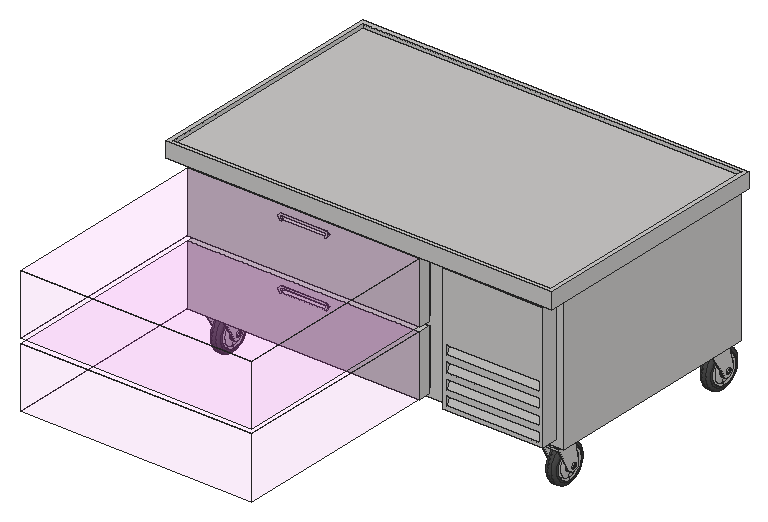
Revit family "QF_Kelvinator_738313_KCHCB48R_2-Drawer_Chef_Base_Refrigerator_50_Long", category Specialty Equipment, Revit 2021
Family settings
  Round Connector Dimension = Use Diameter
  Part Type = Normal
  Work Plane-Based = No
  Always vertical = Yes
  Cut with Voids When Loaded = No
  Shared = No
  Room Calculation Point = No
Parameters
  Weight in Pounds = 471.789
  Watts = 200 W
  Volts = 115 V
  URL Cutsheet = ""
  Specification by User = ""
  Specification by Manufacturer = ""
  Serial Number = ""
  Seismic Rating = ""
  SMACNA No = ""
  Revision Code = ""
  Refrigerant Type = "R290"
  Phase = 1
  Number of Poles = 1
  NAFEM Spec ID Number = ""
  Model = "738313 (KCHCB48R)"
  Min Ckt Ampacity = 0 A
  Max Overcurrent Protection = 0 A
  Masterspec = ""
  Manufacturer = "Kelvinator Commercial"
  Length = 50.000"
  Item Number = "738313"
  Installed By = ""
  Identify Quantity as Lot = yes
  Height = 25.984"
  HP = "1/5"
  Furnished By = ""
  Foodservice Equipment Identifier = yes
  FL Amps = 2.1 A
  Electrical Remarks = ""
  Electric Connection Type = ""
  Elec Conn RI Height = 0.000"
  Elec Conn Connection Height = 0.000"
  Description = "2-Drawer Chef Base Refrigerator 50\" Long"
  Depth = 31.890"
  Default Elevation = 0.000"
  Cycle = 60 Hz
  Conn Plug = "5-15P"
  Conn Conduit = yes
  CSI MasterFormat = ""
  Apparent Power = 0 VA
Reference planes (in)
  plane 1 "BACK": y = 0
  plane 2: z = 0
  plane 3 "LEFT": x = 0
  plane 4 "RIGHT": x = 50
  plane 5 "FRONT": y = -31.89
  plane 6 "TOP": z = 25.984
  plane 7 "Center Y": x = 25
  plane 8 "Center X": y = -15.945
Dimensions and locks (in)
  equal spacing: plane 3 "LEFT", plane 7 "Center Y", plane 4 "RIGHT"
  "Length": plane 3 "LEFT" to plane 4 "RIGHT"
  equal spacing: plane 5 "FRONT", plane 8 "Center X", plane 1 "BACK"
  "Depth": plane 5 "FRONT" to plane 1 "BACK"
  "Height": plane 6 "TOP" to level
  aligned and locked: level to plane 2
Nested families (in)
  nested 1: "Family2" at (0, 0, 0), type "Family2"
    with Show Clearance yes
Connectors (in)
  electrical at (25, -2, 5.5), driven by "Volts", driven by "Watts"
    settings: on nested 1, index 1, voltage 115 V, apparent load 200 VA, apparent load phase1 0 VA, apparent load phase2 0 VA, apparent load phase3 0 VA, power factor 1, load classification "Other", number of poles 1, system type 30, power factor state 1, is connector primary yes, connector utility no, sub classification motor no, connector description ""
Definition of nested family "Family2"
  Parameters (values of type "Family2")
    Weight in Pounds = 0
    URL Cutsheet = ""
    Specification by User = ""
    Specification by Manufacturer = ""
    Show Clearance [instance] = yes
    Serial Number = ""
    Seismic Rating = ""
    SMACNA No = ""
    Revision Code = ""
    NAFEM Spec ID Number = ""
    Masterspec = ""
    Length = 50.000"
    Item Number = ""
    Installed By = ""
    Identify Quantity as Lot = yes
    Height = 25.984"
    Furnished By = ""
    Foodservice Equipment Identifier = yes
    Depth = 31.890"
    Default Elevation = 0.000"
    CSI MasterFormat = ""
  Reference planes (in)
    plane 1 "BACK": y = 0
    plane 2: z = 0
    plane 3 "LEFT": x = 0
    plane 4 "RIGHT": x = 50
    plane 5 "FRONT": y = -31.89
    plane 6 "TOP": z = 25.984
    plane 7 "Center Y": x = 25
    plane 8 "Center X": y = -15.945
    plane 9: x = 1
    plane 10: x = 49
    plane 11: x = 2
    plane 12: x = 32
    plane 13: x = 48
    plane 14: x = 35
    plane 15: z = 15.1
    plane 16: z = 23
    plane 17: z = 6
    plane 18: z = 24
    plane 19: y = -28.7
    plane 20: y = -57.9
    plane 21: x = 0.5
    plane 22: x = 49.5
    plane 23: z = 14.6
    plane 24: z = 6.7
    plane 25: x = 47.5
    plane 26: x = 35.5
    plane 27: x = 46.75
    plane 28: x = 3.25
  Forms (in)
    Extrusion 1, solid
      sketch origin (1, -180, 36.08177) x (0, 0, 1) y (0, -1, 0)
        loop
          line (-12.08177, -151.3) -> (-30.08177, -151.3) -> (-30.08177, -180) -> (-12.08177, -180) -> (-12.08177, -151.3)
      from 0 to 48
    Extrusion 2, solid
      sketch origin (0, 0, 0) x (0, 1, 0) y (0, 0, 1)
        loop
          line (-31.89, 25.984) -> (-31.89, 24) -> (0, 24) -> (0, 25.984) -> (-31.89, 25.984)
      from 0 to 50
    Extrusion 3, void
      sketch origin (0.5, -180, 24.54005) x (0, 0, 1) y (0, -1, 0)
        loop
          line (1.44395, -148.61) -> (0.94395, -148.61) -> (0.94395, -179.5) -> (1.44395, -179.5) -> (1.44395, -148.61)
      from 0 to 49
    Extrusion 4, solid
      sketch origin (0, -28.7, -3.09046) x (0, 0, -1) y (1, 0, 0)
        loop
          line (-26.09046, 35) -> (-9.79046, 35) -> (-9.79046, 48) -> (-26.09046, 48) -> (-26.09046, 35)
      from 0 to 2
    Extrusion 5, void
      sketch origin (47.5, -180, 13.44376) x (0, 0, -1) y (0, -1, 0)
        loop
          line (6.33783, -149.285) -> (6.33783, -148.91) -> (-0.83628, -148.91) -> (-0.83628, -149.7453) -> (0.38717, -149.3) -> (1.16811, -149.3) -> (1.16811, -149.7453) -> (2.39156, -149.3) -> (3.17249, -149.3) -> (3.17249, -149.7453) -> (4.39594, -149.3) -> (5.11438, -149.3) -> (5.11438, -149.7453) -> (6.33783, -149.285)
      from 0 to 12
    Extrusion 6, solid
      sketch origin (1, 0, 6) x (-1, 0, 0) y (0, 1, 0)
        loop
          circle (-24, -2) r 0.25
      from 0 to 0.5
  Cuts and joins
    Extrusion 3 cuts Extrusion 2
    Extrusion 5 cuts Extrusion 4
  Lines and regions (in)
    symbolic lines
      curve 1: line (0, 0, 0) -> (0, -31.89, 0)
      curve 2: line (0, -31.89, 0) -> (50, -31.89, 0)
      curve 3: line (50, -31.89, 0) -> (50, 0, 0)
      curve 4: line (50, 0, 0) -> (0, 0, 0)
      curve 5: line (0.5, -31.39, 0) -> (0.5, -0.5, 0)
      curve 6: line (0.5, -0.5, 0) -> (49.5, -0.5, 0)
      curve 7: line (49.5, -0.5, 0) -> (49.5, -31.39, 0)
      curve 8: line (49.5, -31.39, 0) -> (0.5, -31.39, 0)
  Dimensions and locks (in)
    equal spacing: plane 3 "LEFT", plane 7 "Center Y", plane 4 "RIGHT"
    "Length": plane 3 "LEFT" to plane 4 "RIGHT"
    equal spacing: plane 5 "FRONT", plane 8 "Center X", plane 1 "BACK"
    "Depth": plane 5 "FRONT" to plane 1 "BACK"
    "Height": plane 6 "TOP" to level
    plane 3 "LEFT" to plane 4 "RIGHT" = 50.000"
    plane 10 to plane 9 = 48.000"
    plane 11 to plane 12 = 30.000"
    locked: plane 14 to plane 13 at 13
    plane 16 to plane 15 = 7.900"  (x2)
    plane 6 "TOP" to plane 17 = 19.984"
    plane 18 to plane 17 = 18.000"
    plane 19 to plane 1 "BACK" = 28.700"
    plane 5 "FRONT" to plane 1 "BACK" = 31.890"
    plane 20 to plane 1 "BACK" = 57.900"
    plane 17 to level = 6.000"
    locked: plane 4 "RIGHT" to plane 10 at 1
    locked: plane 4 "RIGHT" to plane 22 at 0.5
    plane 23 to plane 24 = 7.900"
    locked: plane 13 to plane 4 "RIGHT" at 2
    locked: plane 13 to plane 25 at 0.5
    locked: plane 14 to plane 26 at 0.5
    locked: plane 4 "RIGHT" to plane 27 at 3.25
    locked: plane 12 to plane 14 at 3
    locked: plane 3 "LEFT" to plane 11 at 2
    aligned and locked: level to plane 2
    aligned and locked: plane 10 to Extrusion 1
    aligned and locked: Extrusion 2 to plane 4 "RIGHT"
    aligned and locked: plane 18 to Extrusion 1
    aligned and locked: plane 22 to cut or joined group of Extrusion 2, Extrusion 3
    aligned and locked: Extrusion 5 to plane 26
    aligned and locked: plane 14 to Extrusion 4
    aligned and locked: Extrusion 4 to plane 13
    aligned and locked: nested 4 to plane 28
    aligned and locked: plane 27 to nested 5
    aligned and locked: nested 6 to plane 28
  Automatic sketch dimensions
    level to Extrusion 1 sketch curve = 6.000"
    plane 16 to Extrusion 1 sketch curve = 1.000"
    Extrusion 1 sketch curve to plane 1 "BACK" = 0.000"
    Extrusion 1 sketch curve to plane 19 = 0.000"
    Extrusion 2 sketch curve to plane 5 "FRONT" = 0.000"
    Extrusion 2 sketch curve to plane 1 "BACK" = 0.000"
    Extrusion 2 sketch curve to plane 18 = 0.000"
    Extrusion 2 sketch curve to plane 6 "TOP" = 0.000"
    Extrusion 3 sketch curve to plane 6 "TOP" = 0.000"
    Extrusion 3 sketch curve to plane 6 "TOP" = 0.500"
    plane 1 "BACK" to Extrusion 3 sketch curve = 0.500"
    Extrusion 3 sketch curve to plane 5 "FRONT" = 0.500"
    plane 13 to Extrusion 4 sketch curve = 0.000"
    Extrusion 4 sketch curve to plane 16 = 0.000"
    plane 14 to Extrusion 4 sketch curve = 0.000"
    Extrusion 4 sketch curve to plane 24 = 0.000"
    plane 24 to Extrusion 5 sketch curve = 0.40593"
    Extrusion 5 sketch curve to Extrusion 5 sketch curve = 1.22345"  (x3)
    Extrusion 5 sketch curve to Extrusion 5 sketch curve = 0.71843"
    plane 19 to Extrusion 5 sketch curve = 1.5547"  (x4)
    Extrusion 5 sketch curve to Extrusion 5 sketch curve = 0.78093"  (x2)
    Extrusion 5 sketch curve to plane 23 = 0.31996"
    Extrusion 5 sketch curve to Extrusion 5 sketch curve = 0.4453"  (x3)
    Extrusion 5 sketch curve to plane 5 "FRONT" = 1.175"
    Extrusion 5 sketch curve to Extrusion 5 sketch curve = 0.375"
    curve 1 to plane 3 "LEFT" = 0.000"
    plane 1 "BACK" to curve 3 = 0.000"
    curve 3 to plane 4 "RIGHT" = 0.000"
    plane 5 "FRONT" to curve 1 = 0.000"
    curve 5 to plane 21 = 0.000"
    curve 8 to plane 22 = 0.000"
    curve 5 to plane 5 "FRONT" = 0.500"
    plane 1 "BACK" to curve 5 = 0.500"
    Extrusion 1 to Extrusion 6 sketch curve = 2.000"
    Extrusion 6 sketch curve to Extrusion 1 = 24.000"
    radius of Extrusion 6 sketch curve = 0.250"
  Nested families (in)
    nested 1: "Family3" at (2, -28.7, 15.1), Show Clearance <- "Show Clearance", type "Family3"
    nested 2: "Family3" at (2, -28.7, 6.7), Show Clearance <- "Show Clearance", type "Family3"
    nested 3: "6 INCHES 02_CASTER" at (46.75, -26.8125, 0), type "6 INCHES 02_CASTER"
      with Type Mark "", Specification by User "", Show Casters yes, Revision Code "", Item Number "", Installed By "", Identify Quantity as Lot yes, Furnished By "", Foodservice Equipment Identifier yes
    nested 4: "6 INCHES 02_CASTER" at (3.25, -26.8125, 0), type "6 INCHES 02_CASTER"
      with Type Mark "", Specification by User "", Show Casters yes, Revision Code "", Item Number "", Installed By "", Identify Quantity as Lot yes, Furnished By "", Foodservice Equipment Identifier yes
    nested 5: "6 INCHES 02_CASTER" at (46.75, -1.8125, 0), type "6 INCHES 02_CASTER"
      with Type Mark "", Specification by User "", Show Casters yes, Revision Code "", Item Number "", Installed By "", Identify Quantity as Lot yes, Furnished By "", Foodservice Equipment Identifier yes
    nested 6: "6 INCHES 02_CASTER" at (3.25, -1.8125, 0), type "6 INCHES 02_CASTER"
      with Type Mark "", Specification by User "", Show Casters yes, Revision Code "", Item Number "", Installed By "", Identify Quantity as Lot yes, Furnished By "", Foodservice Equipment Identifier yes
  Definition of nested family "Family3"
    Parameters (values of type "Family3")
      Weight in Pounds = 0
      URL Cutsheet = ""
      Specification by User = ""
      Specification by Manufacturer = ""
      Show Clearance [instance] = yes
      Serial Number = ""
      Seismic Rating = ""
      SMACNA No = ""
      Revision Code = ""
      NAFEM Spec ID Number = ""
      Masterspec = ""
      Length = 30.000"
      Item Number = ""
      Installed By = ""
      Identify Quantity as Lot = yes
      Height = 7.900"
      Furnished By = ""
      Foodservice Equipment Identifier = yes
      Depth = 2.000"
      Default Elevation = 0.000"
      CSI MasterFormat = ""
    Reference planes (in)
      plane 1 "BACK": y = 0
      plane 2: z = 0
      plane 3 "LEFT": x = 0
      plane 4 "RIGHT": x = 30
      plane 5 "FRONT": y = -2
      plane 6 "TOP": z = 7.9
      plane 7 "Center Y": x = 15
      plane 8 "Center X": y = -1
      plane 9: y = -29.2
      plane 10: x = 0.3125
      plane 11: x = 29.6875
      plane 12: y = -3.28088
    Forms (in)
      Extrusion 1, solid
        sketch origin (0, 0, 0) x (1, 0, 0) y (0, 0, 1)
          loop
            line (0, 7.9) -> (0, 0) -> (30, 0) -> (30, 7.9) -> (0, 7.9)
        from 0.55357 to 2
      Extrusion 2, void
        sketch origin (15, 6.90541, 47.5625) x (0, -1, 0) y (0, 0, 1)
          loop
            line (8.90541, -41.4125) -> (8.90541, -40.85381) -> (8.53969, -40.48809) -> (8.07278, -40.955) -> (8.24839, -41.4125) -> (8.90541, -41.4125)
        from -3 to 3
      Extrusion 3, solid
        sketch origin (0, -2, 0) x (1, 0, 0) y (0, 0, 1)
          loop
            line (17.81904, 6.70869) -> (17.92024, 6.6075) -> (17.81904, 6.15) -> (18, 6.15) -> (18.27615, 6.60514) -> (17.9226, 6.95869) -> (12.0774, 6.95869) -> (11.72385, 6.60514) -> (12.00153, 6.14747) -> (12.18151, 6.14747) -> (12.07976, 6.6075) -> (12.18096, 6.70869) -> (17.81904, 6.70869)
        from 0.10088 to -1
      Extrusion 4, solid, visible <- "Show Clearance"
        sketch origin (0, 0, 0) x (0, 1, 0) y (0, 0, 1)
          loop
            line (-29.2, 7.9) -> (-29.2, 0) -> (-2, 0) -> (-2, 7.9) -> (-29.2, 7.9)
        from 0 to 30
      Extrusion 5, solid
        sketch origin (0.3125, -180, 8.89478) x (0, 0, 1) y (0, -1, 0)
          loop
            line (-1.29318, -179.44643) -> (-8.58228, -179.44643) -> (-8.58228, -179.75) -> (-1.29318, -179.75) -> (-1.29318, -179.44643)
        from 0 to 29.375
      Extrusion 6, solid
        sketch origin (0.3125, -179.75, 8.89478) x (0, 0, 1) y (0, -1, 0)
          loop
            line (-1.29318, -179.5) -> (-8.58228, -179.5) -> (-8.58228, -179.75) -> (-1.29318, -179.75) -> (-1.29318, -179.5)
        from 0 to 29.375
    Cuts and joins
      Extrusion 2 cuts Extrusion 1
      Extrusion 2 cuts Extrusion 3
      joined: Extrusion 1, Extrusion 3
    Lines and regions (in)
      symbolic lines, visible <- "Show Clearance"
        curve 1: line (0, -3.28088, 0) -> (0, -29.2, 0)
        curve 2: line (0, -29.2, 0) -> (30, -29.2, 0)
        curve 3: line (30, -29.2, 0) -> (30, -3.28088, 0)
    Dimensions and locks (in)
      equal spacing: plane 3 "LEFT", plane 7 "Center Y", plane 4 "RIGHT"
      "Length": plane 3 "LEFT" to plane 4 "RIGHT"
      equal spacing: plane 5 "FRONT", plane 8 "Center X", plane 1 "BACK"
      "Depth": plane 5 "FRONT" to plane 1 "BACK"
      "Height": plane 6 "TOP" to level
      plane 9 to plane 5 "FRONT" = 27.200"
      locked: plane 11 to plane 4 "RIGHT" at 0.3125
      locked: plane 3 "LEFT" to plane 10 at 0.3125
      aligned and locked: level to plane 2
      aligned and locked: Extrusion 4 to plane 4 "RIGHT"
      aligned and locked: Extrusion 6 to plane 11
      aligned and locked: Extrusion 5 to plane 11
    Automatic sketch dimensions
      Extrusion 1 sketch curve to level = 0.000"
      Extrusion 1 sketch curve to plane 3 "LEFT" = 0.000"
      plane 4 "RIGHT" to Extrusion 1 sketch curve = 0.000"
      Extrusion 1 sketch curve to plane 6 "TOP" = 0.000"
      Extrusion 2 sketch curve to plane 5 "FRONT" = 0.000"
      Extrusion 2 sketch curve to plane 5 "FRONT" = 0.36572"
      Extrusion 2 sketch curve to plane 8 "Center X" = 0.34299"
      Extrusion 2 sketch curve to plane 8 "Center X" = 0.16737"
      Extrusion 2 sketch curve to plane 6 "TOP" = 1.750"
      Extrusion 2 sketch curve to Extrusion 2 sketch curve = 0.4575"
      Extrusion 2 sketch curve to Extrusion 2 sketch curve = 0.55869"
      Extrusion 3 sketch curve to plane 6 "TOP" = 1.29486"  (x2)
      Extrusion 3 sketch curve to plane 7 "Center Y" = 3.27615"
      Extrusion 3 sketch curve to Extrusion 3 sketch curve = 0.27768"
      Extrusion 3 sketch curve to Extrusion 3 sketch curve = 0.35355"
      Extrusion 3 sketch curve to plane 6 "TOP" = 1.2925"  (x2)
      Extrusion 3 sketch curve to Extrusion 3 sketch curve = 0.00236"
      Extrusion 3 sketch curve to Extrusion 3 sketch curve = 0.10119"  (x2)
      Extrusion 3 sketch curve to Extrusion 3 sketch curve = 0.17998"
      Extrusion 3 sketch curve to plane 6 "TOP" = 1.19131"
      plane 7 "Center Y" to Extrusion 3 sketch curve = 2.81904"
      Extrusion 3 sketch curve to Extrusion 3 sketch curve = 0.000"
      Extrusion 3 sketch curve to plane 6 "TOP" = 0.94131"
      Extrusion 3 sketch curve to Extrusion 3 sketch curve = 0.10355"
      Extrusion 3 sketch curve to Extrusion 3 sketch curve = 0.18096"
      Extrusion 3 sketch curve to Extrusion 3 sketch curve = 0.35591"
      Extrusion 3 sketch curve to Extrusion 3 sketch curve = 0.4575"
      Extrusion 3 sketch curve to Extrusion 3 sketch curve = 0.46003"
      Extrusion 4 sketch curve to level = 0.000"
      Extrusion 4 sketch curve to plane 9 = 0.000"
      Extrusion 4 sketch curve to plane 5 "FRONT" = 0.000"
      Extrusion 4 sketch curve to plane 6 "TOP" = 0.000"
      level to Extrusion 5 sketch curve = 0.3125"
      Extrusion 5 sketch curve to plane 6 "TOP" = 0.29841"
      plane 1 "BACK" to Extrusion 5 sketch curve = 0.250"
      Extrusion 5 sketch curve to Extrusion 5 sketch curve = 0.30357"
      level to Extrusion 6 sketch curve = 0.3125"
      Extrusion 6 sketch curve to plane 6 "TOP" = 0.29841"
      plane 1 "BACK" to Extrusion 6 sketch curve = 0.000"
      Extrusion 6 sketch curve to Extrusion 6 sketch curve = 0.250"
      curve 1 to plane 3 "LEFT" = 0.000"
      curve 3 to plane 4 "RIGHT" = 0.000"
      curve 1 to plane 9 = 0.000"
      curve 3 to plane 12 = 0.000"
      curve 1 to plane 12 = 0.000"
  Definition of nested family "6 INCHES 02_CASTER"
    Parameters (values of type "6 INCHES 02_CASTER")
      Weight = ""
      URL Manufacturer = ""
      URL Cutsheet = ""
      URL = ""
      Type Mark [instance] = ""
      Specification by User [instance] = ""
      Specification by Manufacturer = ""
      Show Casters [instance] = yes
      Serial Number = ""
      Seismic Rating = ""
      SMACNA No = ""
      Revision Code [instance] = ""
      Omniclass Number and Title = ""
      NAFEM Spec ID Number = ""
      Model = ""
      MasterSpec. = ""
      Manufacturer = ""
      Item Number [instance] = ""
      Installed By [instance] = ""
      Identify Quantity as Lot [instance] = yes
      Furnished By [instance] = ""
      Foodservice Equipment Identifier [instance] = yes
      Description = ""
      Default Elevation = 0.000"
      CSI MasterFormat = ""
      CSI Master Format = ""
    Reference planes (in)
      plane 1 "BACK": y = 0
      plane 2: z = 0
      plane 3 "LEFT": x = 0
      plane 4 "RIGHT": x = 0
      plane 5 "FRONT": y = 0
      plane 6 "TOP": z = 6
    Forms (in)
      Revolve 1, solid, visible <- "Show Casters"
        sketch origin (-2.21793, 0, -0.25) x (-1, 0, 0) y (0, 0, 1)
          loop
            line (-2.21793, 6) -> (-2.21793, 5.55584) -> (-0.93693, 5.55584) -> (-0.93693, 6) -> (-2.21793, 6)
          axis (-2.21793, 5.55584) -> (-2.21793, 6)
        angle from 0 to 360
      Extrusion 2, solid, visible <- "Show Casters"
        sketch origin (0.25594, 2.08988, -0.1875) x (0, 1, 0) y (0, 0, 1)
          loop
            line (-3.37793, 5.49334) -> (-3.37793, 5.24334) -> (-1.67236, 2.30765)
            arc (-1.67236, 2.30765) -> (-0.65502, 1.97635) -> (-0.25363, 2.96812) r 0.78437
            line (-0.25363, 2.96812) -> (-0.80182, 5.49334) -> (-3.37793, 5.49334)
        from 0.78968 to 0.90247
      Extrusion 3, solid, visible <- "Show Casters"
        sketch origin (0, 0, 5.75) x (0, 1, 0) y (-1, 0, 0)
          loop
            circle (0, 0) r 0.75
        from 0 to 0.25
      Extrusion 4, solid, visible <- "Show Casters"
        sketch origin (-0.25594, 2.08988, -0.1875) x (0, 1, 0) y (0, 0, -1)
          loop
            line (-3.37793, -5.24334) -> (-3.37793, -5.49334) -> (-0.80182, -5.49334) -> (-0.25363, -2.96812)
            arc (-0.25363, -2.96812) -> (-0.65502, -1.97635) -> (-1.67236, -2.30765) r 0.78437
            line (-1.67236, -2.30765) -> (-3.37793, -5.24334)
        from 0.78968 to 0.90247
      Extrusion 5, solid, visible <- "Show Casters"
        sketch origin (0, -0.12806, 0.75) x (0, 1, 0) y (0, 0, 1)
          loop
            line (-1.16, 4.55584) -> (-1.16, 4.30584) -> (1.41611, 4.30584) -> (1.41611, 4.55584) -> (-1.16, 4.55584)
        from -1.04562 to 1.04562
      Revolve 6, solid, visible <- "Show Casters"
        sketch origin (-1.9375, 1.11772, -0.12802) x (1, 0, 0) y (0, 0, 1)
          loop
            line (0.5843, 2.5666) -> (0.5843, 2.4286) -> (0.6343, 2.3786) -> (0.6943, 2.3786) -> (0.6943, 2.2429) -> (1.1725, 2.2429) -> (1.1725, 1.84743) -> (1.30191, 1.77271) -> (1.42647, 1.00302) -> (1.28125, 1.00302) -> (1.28125, 0.75302) -> (1.3125, 0.75302) -> (1.3125, 0.50302)
            arc (1.3125, 0.50302) -> (1.42233, 0.23785) -> (1.6875, 0.12802) r 0.375
            line (1.6875, 0.12802) -> (2.1875, 0.12802)
            arc (2.1875, 0.12802) -> (2.45267, 0.23785) -> (2.5625, 0.50302) r 0.375
            line (2.5625, 0.50302) -> (2.5625, 0.75302) -> (2.59375, 0.75302) -> (2.59375, 1.00302) -> (2.44853, 1.00302) -> (2.57366, 1.77622) -> (2.7025, 1.85061) -> (2.7025, 2.2429) -> (3.1807, 2.2429) -> (3.1807, 2.3786) -> (3.2407, 2.3786) -> (3.2907, 2.4286) -> (3.2907, 2.5666) -> (0.5843, 2.5666)
          axis (0.5843, 2.5666) -> (3.2907, 2.5666)
        angle from 0 to 360
    Cuts and joins
      joined: Extrusion 2, Extrusion 4, Extrusion 5
    Lines and regions (in)
      symbolic lines, visible <- "Show Casters"
        curve 1: line (0.45873, 2.04243, 0) -> (1.54127, 1.41743, 0)
        curve 2: line (-1.54127, -1.42167, 0) -> (-0.79127, -0.12263, 0)
        curve 3: line (-0.45873, -2.04667, 0) -> (-1.54127, -1.42167, 0)
        curve 4: line (1.54127, 1.41743, 0) -> (0.79127, 0.11839, 0)
        curve 5: line (-0.29127, 0.74339, 0) -> (0.45873, 2.04243, 0)
        curve 6: line (0.29127, -0.74763, 0) -> (-0.45873, -2.04667, 0)
    Dimensions and locks (in)
      plane 6 "TOP" to level = 6.000"  (x2)
      aligned and locked: level to plane 2
